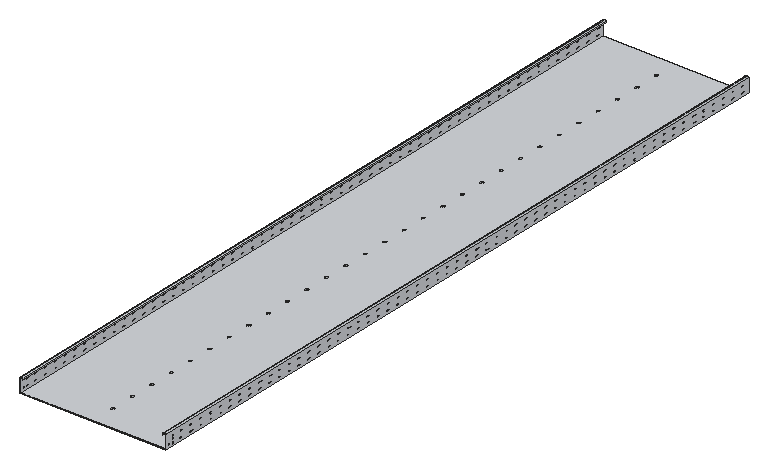
Revit family "Kabelrinne RKSM FT_615_620_630_640_650_660", category Generic Models, Revit 2017 (continued)
Forms (mm)
  Extrusion 160, void
    sketch origin (230, 863.6, 25) x (0, 1, 0) y (0, 0, 1)
      loop
        line (69.8, 9) -> (82.8, 9)
        arc (82.8, 9) -> (86.3, 12.5) -> (82.8, 16) r 3.5
        line (82.8, 16) -> (69.8, 16)
    from 69 to 70
  Extrusion 161, void
    sketch origin (230, 914.4, 0) x (0, 1, 0) y (0, 0, 1)
      loop
        arc (69.8, 16) -> (66.3, 12.5) -> (69.8, 9) r 3.5
        line (69.8, 9) -> (82.8, 9)
        arc (82.8, 9) -> (86.3, 12.5) -> (82.8, 16) r 3.5
        line (82.8, 16) -> (69.8, 16)
    from 69 to 70
  Extrusion 162, void
    sketch origin (230, 914.4, 25) x (0, 1, 0) y (0, 0, 1)
      loop
        arc (69.8, 16) -> (66.3, 12.5) -> (69.8, 9) r 3.5
        line (69.8, 9) -> (82.8, 9)
        arc (82.8, 9) -> (86.3, 12.5) -> (82.8, 16) r 3.5
        line (82.8, 16) -> (69.8, 16)
    from 69 to 70
  Extrusion 163, void
    sketch origin (230, 965.2, 0) x (0, 1, 0) y (0, 0, 1)
      loop
        arc (69.8, 16) -> (66.3, 12.5) -> (69.8, 9) r 3.5
        line (69.8, 9) -> (82.8, 9)
        arc (82.8, 9) -> (86.3, 12.5) -> (82.8, 16) r 3.5
        line (82.8, 16) -> (69.8, 16)
    from 69 to 70
  Extrusion 164, void
    sketch origin (230, 965.2, 25) x (0, 1, 0) y (0, 0, 1)
      loop
        arc (69.8, 16) -> (66.3, 12.5) -> (69.8, 9) r 3.5
        line (69.8, 9) -> (82.8, 9)
        arc (82.8, 9) -> (86.3, 12.5) -> (82.8, 16) r 3.5
        line (82.8, 16) -> (69.8, 16)
    from 69 to 70
  Extrusion 165, void
    sketch origin (230, 1016, 0) x (0, 1, 0) y (0, 0, 1)
      loop
        arc (69.8, 16) -> (66.3, 12.5) -> (69.8, 9) r 3.5
        line (69.8, 9) -> (82.8, 9)
        arc (82.8, 9) -> (86.3, 12.5) -> (82.8, 16) r 3.5
        line (82.8, 16) -> (69.8, 16)
    from 69 to 70
  Extrusion 166, void
    sketch origin (230, 1016, 25) x (0, 1, 0) y (0, 0, 1)
      loop
        arc (69.8, 16) -> (66.3, 12.5) -> (69.8, 9) r 3.5
        line (69.8, 9) -> (82.8, 9)
        arc (82.8, 9) -> (86.3, 12.5) -> (82.8, 16) r 3.5
        line (82.8, 16) -> (69.8, 16)
    from 69 to 70
  Extrusion 167, void
    sketch origin (230, 1066.8, 0) x (0, 1, 0) y (0, 0, 1)
      loop
        arc (69.8, 16) -> (66.3, 12.5) -> (69.8, 9) r 3.5
        line (69.8, 9) -> (82.8, 9)
        arc (82.8, 9) -> (86.3, 12.5) -> (82.8, 16) r 3.5
        line (82.8, 16) -> (69.8, 16)
    from 69 to 70
  Extrusion 168, void
    sketch origin (230, 1066.8, 25) x (0, 1, 0) y (0, 0, 1)
      loop
        arc (69.8, 16) -> (66.3, 12.5) -> (69.8, 9) r 3.5
        line (69.8, 9) -> (82.8, 9)
        arc (82.8, 9) -> (86.3, 12.5) -> (82.8, 16) r 3.5
        line (82.8, 16) -> (69.8, 16)
    from 69 to 70
  Extrusion 169, void
    sketch origin (230, 1117.6, 0) x (0, 1, 0) y (0, 0, 1)
      loop
        arc (69.8, 16) -> (66.3, 12.5) -> (69.8, 9) r 3.5
        line (69.8, 9) -> (82.8, 9)
        arc (82.8, 9) -> (86.3, 12.5) -> (82.8, 16) r 3.5
        line (82.8, 16) -> (69.8, 16)
    from 69 to 70
  Extrusion 170, void
    sketch origin (230, 1117.6, 25) x (0, 1, 0) y (0, 0, 1)
      loop
        arc (69.8, 16) -> (66.3, 12.5) -> (69.8, 9) r 3.5
        line (69.8, 9) -> (82.8, 9)
        arc (82.8, 9) -> (86.3, 12.5) -> (82.8, 16) r 3.5
        line (82.8, 16) -> (69.8, 16)
    from 69 to 70
  Extrusion 171, void
    sketch origin (230, 1168.4, 0) x (0, 1, 0) y (0, 0, 1)
      loop
        arc (69.8, 16) -> (66.3, 12.5) -> (69.8, 9) r 3.5
        line (69.8, 9) -> (82.8, 9)
        arc (82.8, 9) -> (86.3, 12.5) -> (82.8, 16) r 3.5
        line (82.8, 16) -> (69.8, 16)
    from 69 to 70
  Extrusion 172, void
    sketch origin (230, 1168.4, 25) x (0, 1, 0) y (0, 0, 1)
      loop
        arc (69.8, 16) -> (66.3, 12.5) -> (69.8, 9) r 3.5
        line (69.8, 9) -> (82.8, 9)
        arc (82.8, 9) -> (86.3, 12.5) -> (82.8, 16) r 3.5
        line (82.8, 16) -> (69.8, 16)
    from 69 to 70
  Extrusion 173, void
    sketch origin (230, 1219.2, 0) x (0, 1, 0) y (0, 0, 1)
      loop
        arc (69.8, 16) -> (66.3, 12.5) -> (69.8, 9) r 3.5
        line (69.8, 9) -> (82.8, 9)
        arc (82.8, 9) -> (86.3, 12.5) -> (82.8, 16) r 3.5
        line (82.8, 16) -> (69.8, 16)
    from 69 to 70
  Extrusion 174, void
    sketch origin (230, 1219.2, 25) x (0, 1, 0) y (0, 0, 1)
      loop
        arc (69.8, 16) -> (66.3, 12.5) -> (69.8, 9) r 3.5
        line (69.8, 9) -> (82.8, 9)
        arc (82.8, 9) -> (86.3, 12.5) -> (82.8, 16) r 3.5
        line (82.8, 16) -> (69.8, 16)
    from 69 to 70
  Extrusion 175, void
    sketch origin (230, 1270, 0) x (0, 1, 0) y (0, 0, 1)
      loop
        arc (69.8, 16) -> (66.3, 12.5) -> (69.8, 9) r 3.5
        line (69.8, 9) -> (82.8, 9)
        arc (82.8, 9) -> (86.3, 12.5) -> (82.8, 16) r 3.5
        line (82.8, 16) -> (69.8, 16)
    from 69 to 70
  Extrusion 176, void
    sketch origin (230, 1270, 25) x (0, 1, 0) y (0, 0, 1)
      loop
        arc (69.8, 16) -> (66.3, 12.5) -> (69.8, 9) r 3.5
        line (69.8, 9) -> (82.8, 9)
        arc (82.8, 9) -> (86.3, 12.5) -> (82.8, 16) r 3.5
        line (82.8, 16) -> (69.8, 16)
    from 69 to 70
  Extrusion 177, void
    sketch origin (230, 1320.8, 0) x (0, 1, 0) y (0, 0, 1)
      loop
        arc (69.8, 16) -> (66.3, 12.5) -> (69.8, 9) r 3.5
        line (69.8, 9) -> (82.8, 9)
        arc (82.8, 9) -> (86.3, 12.5) -> (82.8, 16) r 3.5
        line (82.8, 16) -> (69.8, 16)
    from 69 to 70
  Extrusion 178, void
    sketch origin (230, 1320.8, 25) x (0, 1, 0) y (0, 0, 1)
      loop
        arc (69.8, 16) -> (66.3, 12.5) -> (69.8, 9) r 3.5
        line (69.8, 9) -> (82.8, 9)
        arc (82.8, 9) -> (86.3, 12.5) -> (82.8, 16) r 3.5
        line (82.8, 16) -> (69.8, 16)
    from 69 to 70
  Extrusion 179, void
    sketch origin (230, 1371.6, 0) x (0, 1, 0) y (0, 0, 1)
      loop
        arc (69.8, 16) -> (66.3, 12.5) -> (69.8, 9) r 3.5
        line (69.8, 9) -> (82.8, 9)
        arc (82.8, 9) -> (86.3, 12.5) -> (82.8, 16) r 3.5
        line (82.8, 16) -> (69.8, 16)
    from 69 to 70
  Extrusion 180, void
    sketch origin (230, 1371.6, 25) x (0, 1, 0) y (0, 0, 1)
      loop
        arc (69.8, 16) -> (66.3, 12.5) -> (69.8, 9) r 3.5
        line (69.8, 9) -> (82.8, 9)
        arc (82.8, 9) -> (86.3, 12.5) -> (82.8, 16) r 3.5
        line (82.8, 16) -> (69.8, 16)
    from 69 to 70
  Extrusion 181, void
    sketch origin (230, 1422.4, 0) x (0, 1, 0) y (0, 0, 1)
      loop
        arc (69.8, 16) -> (66.3, 12.5) -> (69.8, 9) r 3.5
        line (69.8, 9) -> (82.8, 9)
        arc (82.8, 9) -> (86.3, 12.5) -> (82.8, 16) r 3.5
        line (82.8, 16) -> (69.8, 16)
    from 69 to 70
  Extrusion 182, void
    sketch origin (230, 1422.4, 25) x (0, 1, 0) y (0, 0, 1)
      loop
        arc (69.8, 16) -> (66.3, 12.5) -> (69.8, 9) r 3.5
        line (69.8, 9) -> (82.8, 9)
        arc (82.8, 9) -> (86.3, 12.5) -> (82.8, 16) r 3.5
        line (82.8, 16) -> (69.8, 16)
    from 69 to 70
  Extrusion 183, void
    sketch origin (230, 1473.2, 0) x (0, 1, 0) y (0, 0, 1)
      loop
        arc (69.8, 16) -> (66.3, 12.5) -> (69.8, 9) r 3.5
        line (69.8, 9) -> (82.8, 9)
        arc (82.8, 9) -> (86.3, 12.5) -> (82.8, 16) r 3.5
        line (82.8, 16) -> (69.8, 16)
    from 69 to 70
  Extrusion 184, void
    sketch origin (230, 1473.2, 25) x (0, 1, 0) y (0, 0, 1)
      loop
        arc (69.8, 16) -> (66.3, 12.5) -> (69.8, 9) r 3.5
        line (69.8, 9) -> (82.8, 9)
        arc (82.8, 9) -> (86.3, 12.5) -> (82.8, 16) r 3.5
        line (82.8, 16) -> (69.8, 16)
    from 69 to 70
  Extrusion 185, void
    sketch origin (230, 1524, 0) x (0, 1, 0) y (0, 0, 1)
      loop
        arc (69.8, 16) -> (66.3, 12.5) -> (69.8, 9) r 3.5
        line (69.8, 9) -> (82.8, 9)
        arc (82.8, 9) -> (86.3, 12.5) -> (82.8, 16) r 3.5
        line (82.8, 16) -> (69.8, 16)
    from 69 to 70
  Extrusion 186, void
    sketch origin (230, 1524, 25) x (0, 1, 0) y (0, 0, 1)
      loop
        arc (69.8, 16) -> (66.3, 12.5) -> (69.8, 9) r 3.5
        line (69.8, 9) -> (82.8, 9)
        arc (82.8, 9) -> (86.3, 12.5) -> (82.8, 16) r 3.5
        line (82.8, 16) -> (69.8, 16)
    from 69 to 70
  Extrusion 187, void
    sketch origin (230, 1574.8, 0) x (0, 1, 0) y (0, 0, 1)
      loop
        arc (69.8, 16) -> (66.3, 12.5) -> (69.8, 9) r 3.5
        line (69.8, 9) -> (82.8, 9)
        arc (82.8, 9) -> (86.3, 12.5) -> (82.8, 16) r 3.5
        line (82.8, 16) -> (69.8, 16)
    from 69 to 70
  Extrusion 188, void
    sketch origin (230, 1574.8, 25) x (0, 1, 0) y (0, 0, 1)
      loop
        arc (69.8, 16) -> (66.3, 12.5) -> (69.8, 9) r 3.5
        line (69.8, 9) -> (82.8, 9)
        arc (82.8, 9) -> (86.3, 12.5) -> (82.8, 16) r 3.5
        line (82.8, 16) -> (69.8, 16)
    from 69 to 70
  Extrusion 189, void
    sketch origin (230, 1625.6, 0) x (0, 1, 0) y (0, 0, 1)
      loop
        arc (69.8, 16) -> (66.3, 12.5) -> (69.8, 9) r 3.5
        line (69.8, 9) -> (82.8, 9)
        arc (82.8, 9) -> (86.3, 12.5) -> (82.8, 16) r 3.5
        line (82.8, 16) -> (69.8, 16)
    from 69 to 70
  Extrusion 190, void
    sketch origin (230, 1625.6, 25) x (0, 1, 0) y (0, 0, 1)
      loop
        arc (69.8, 16) -> (66.3, 12.5) -> (69.8, 9) r 3.5
        line (69.8, 9) -> (82.8, 9)
        arc (82.8, 9) -> (86.3, 12.5) -> (82.8, 16) r 3.5
        line (82.8, 16) -> (69.8, 16)
    from 69 to 70
  Extrusion 191, void
    sketch origin (230, 1676.4, 0) x (0, 1, 0) y (0, 0, 1)
      loop
        arc (69.8, 16) -> (66.3, 12.5) -> (69.8, 9) r 3.5
        line (69.8, 9) -> (82.8, 9)
        arc (82.8, 9) -> (86.3, 12.5) -> (82.8, 16) r 3.5
        line (82.8, 16) -> (69.8, 16)
    from 69 to 70
  Extrusion 192, void
    sketch origin (230, 1676.4, 25) x (0, 1, 0) y (0, 0, 1)
      loop
        arc (69.8, 16) -> (66.3, 12.5) -> (69.8, 9) r 3.5
        line (69.8, 9) -> (82.8, 9)
        arc (82.8, 9) -> (86.3, 12.5) -> (82.8, 16) r 3.5
        line (82.8, 16) -> (69.8, 16)
    from 69 to 70
  Extrusion 193, void
    sketch origin (230, 1727.2, 0) x (0, 1, 0) y (0, 0, 1)
      loop
        arc (69.8, 16) -> (66.3, 12.5) -> (69.8, 9) r 3.5
        line (69.8, 9) -> (82.8, 9)
        arc (82.8, 9) -> (86.3, 12.5) -> (82.8, 16) r 3.5
        line (82.8, 16) -> (69.8, 16)
    from 69 to 70
  Extrusion 194, void
    sketch origin (230, 1727.2, 25) x (0, 1, 0) y (0, 0, 1)
      loop
        arc (69.8, 16) -> (66.3, 12.5) -> (69.8, 9) r 3.5
        line (69.8, 9) -> (82.8, 9)
        arc (82.8, 9) -> (86.3, 12.5) -> (82.8, 16) r 3.5
        line (82.8, 16) -> (69.8, 16)
    from 69 to 70
  Extrusion 195, void
    sketch origin (230, 1778, 0) x (0, 1, 0) y (0, 0, 1)
      loop
        arc (69.8, 16) -> (66.3, 12.5) -> (69.8, 9) r 3.5
        line (69.8, 9) -> (82.8, 9)
        arc (82.8, 9) -> (86.3, 12.5) -> (82.8, 16) r 3.5
        line (82.8, 16) -> (69.8, 16)
    from 69 to 70
  Extrusion 196, void
    sketch origin (230, 1778, 25) x (0, 1, 0) y (0, 0, 1)
      loop
        arc (69.8, 16) -> (66.3, 12.5) -> (69.8, 9) r 3.5
        line (69.8, 9) -> (82.8, 9)
        arc (82.8, 9) -> (86.3, 12.5) -> (82.8, 16) r 3.5
        line (82.8, 16) -> (69.8, 16)
    from 69 to 70
  Extrusion 197, void
    sketch origin (230, 1828.8, 0) x (0, 1, 0) y (0, 0, 1)
      loop
        arc (69.8, 16) -> (66.3, 12.5) -> (69.8, 9) r 3.5
        line (69.8, 9) -> (82.8, 9)
        arc (82.8, 9) -> (86.3, 12.5) -> (82.8, 16) r 3.5
        line (82.8, 16) -> (69.8, 16)
    from 69 to 70
  Extrusion 198, void
    sketch origin (230, 1828.8, 25) x (0, 1, 0) y (0, 0, 1)
      loop
        arc (69.8, 16) -> (66.3, 12.5) -> (69.8, 9) r 3.5
        line (69.8, 9) -> (82.8, 9)
        arc (82.8, 9) -> (86.3, 12.5) -> (82.8, 16) r 3.5
        line (82.8, 16) -> (69.8, 16)
    from 69 to 70
  Extrusion 199, void
    sketch origin (230, 1879.6, 0) x (0, 1, 0) y (0, 0, 1)
      loop
        arc (69.8, 16) -> (66.3, 12.5) -> (69.8, 9) r 3.5
        line (69.8, 9) -> (82.8, 9)
        arc (82.8, 9) -> (86.3, 12.5) -> (82.8, 16) r 3.5
        line (82.8, 16) -> (69.8, 16)
    from 69 to 70
  Extrusion 200, void
    sketch origin (230, 1879.6, 25) x (0, 1, 0) y (0, 0, 1)
      loop
        arc (69.8, 16) -> (66.3, 12.5) -> (69.8, 9) r 3.5
        line (69.8, 9) -> (82.8, 9)
        arc (82.8, 9) -> (86.3, 12.5) -> (82.8, 16) r 3.5
        line (82.8, 16) -> (69.8, 16)
    from 69 to 70
  Extrusion 201, void
    sketch origin (230, 1930.4, 0) x (0, 1, 0) y (0, 0, 1)
      loop
        arc (69.8, 16) -> (66.3, 12.5) -> (69.8, 9) r 3.5
        line (69.8, 9) -> (82.8, 9)
        arc (82.8, 9) -> (86.3, 12.5) -> (82.8, 16) r 3.5
        line (82.8, 16) -> (69.8, 16)
    from 69 to 70
  Extrusion 202, void
    sketch origin (230, 1930.4, 25) x (0, 1, 0) y (0, 0, 1)
      loop
        arc (69.8, 16) -> (66.3, 12.5) -> (69.8, 9) r 3.5
        line (69.8, 9) -> (82.8, 9)
        arc (82.8, 9) -> (86.3, 12.5) -> (82.8, 16) r 3.5
        line (82.8, 16) -> (69.8, 16)
    from 69 to 70
  Extrusion 203, void
    sketch origin (230, 1981.2, 0) x (0, 1, 0) y (0, 0, 1)
      loop
        arc (69.8, 16) -> (66.3, 12.5) -> (69.8, 9) r 3.5
        line (69.8, 9) -> (82.8, 9)
        arc (82.8, 9) -> (86.3, 12.5) -> (82.8, 16) r 3.5
        line (82.8, 16) -> (69.8, 16)
    from 69 to 70
  Extrusion 204, void
    sketch origin (230, 1981.2, 25) x (0, 1, 0) y (0, 0, 1)
      loop
        arc (69.8, 16) -> (66.3, 12.5) -> (69.8, 9) r 3.5
        line (69.8, 9) -> (82.8, 9)
        arc (82.8, 9) -> (86.3, 12.5) -> (82.8, 16) r 3.5
        line (82.8, 16) -> (69.8, 16)
    from 69 to 70
  Extrusion 205, void
    sketch origin (230, 2032, 0) x (0, 1, 0) y (0, 0, 1)
      loop
        arc (69.8, 16) -> (66.3, 12.5) -> (69.8, 9) r 3.5
        line (69.8, 9) -> (82.8, 9)
        arc (82.8, 9) -> (86.3, 12.5) -> (82.8, 16) r 3.5
        line (82.8, 16) -> (69.8, 16)
    from 69 to 70
  Extrusion 206, void
    sketch origin (230, 2032, 25) x (0, 1, 0) y (0, 0, 1)
      loop
        arc (69.8, 16) -> (66.3, 12.5) -> (69.8, 9) r 3.5
        line (69.8, 9) -> (82.8, 9)
        arc (82.8, 9) -> (86.3, 12.5) -> (82.8, 16) r 3.5
        line (82.8, 16) -> (69.8, 16)
    from 69 to 70
  Extrusion 207, void
    sketch origin (230, 2082.8, 0) x (0, 1, 0) y (0, 0, 1)
      loop
        arc (69.8, 16) -> (66.3, 12.5) -> (69.8, 9) r 3.5
        line (69.8, 9) -> (82.8, 9)
        arc (82.8, 9) -> (86.3, 12.5) -> (82.8, 16) r 3.5
        line (82.8, 16) -> (69.8, 16)
    from 69 to 70
  Extrusion 208, void
    sketch origin (230, 2082.8, 25) x (0, 1, 0) y (0, 0, 1)
      loop
        arc (69.8, 16) -> (66.3, 12.5) -> (69.8, 9) r 3.5
        line (69.8, 9) -> (82.8, 9)
        arc (82.8, 9) -> (86.3, 12.5) -> (82.8, 16) r 3.5
        line (82.8, 16) -> (69.8, 16)
    from 69 to 70
  Extrusion 209, void
    sketch origin (230, 2133.6, 0) x (0, 1, 0) y (0, 0, 1)
      loop
        arc (69.8, 16) -> (66.3, 12.5) -> (69.8, 9) r 3.5
        line (69.8, 9) -> (82.8, 9)
        arc (82.8, 9) -> (86.3, 12.5) -> (82.8, 16) r 3.5
        line (82.8, 16) -> (69.8, 16)
    from 69 to 70
  Extrusion 210, void
    sketch origin (230, 2133.6, 25) x (0, 1, 0) y (0, 0, 1)
      loop
        arc (69.8, 16) -> (66.3, 12.5) -> (69.8, 9) r 3.5
        line (69.8, 9) -> (82.8, 9)
        arc (82.8, 9) -> (86.3, 12.5) -> (82.8, 16) r 3.5
        line (82.8, 16) -> (69.8, 16)
    from 69 to 70
  Extrusion 211, void
    sketch origin (230, 2184.4, 0) x (0, 1, 0) y (0, 0, 1)
      loop
        arc (69.8, 16) -> (66.3, 12.5) -> (69.8, 9) r 3.5
        line (69.8, 9) -> (82.8, 9)
        arc (82.8, 9) -> (86.3, 12.5) -> (82.8, 16) r 3.5
        line (82.8, 16) -> (69.8, 16)
    from 69 to 70
  Extrusion 212, void
    sketch origin (230, 2184.4, 25) x (0, 1, 0) y (0, 0, 1)
      loop
        arc (69.8, 16) -> (66.3, 12.5) -> (69.8, 9) r 3.5
        line (69.8, 9) -> (82.8, 9)
        arc (82.8, 9) -> (86.3, 12.5) -> (82.8, 16) r 3.5
        line (82.8, 16) -> (69.8, 16)
    from 69 to 70
  Extrusion 213, void
    sketch origin (230, 2235.2, 0) x (0, 1, 0) y (0, 0, 1)
      loop
        arc (69.8, 16) -> (66.3, 12.5) -> (69.8, 9) r 3.5
        line (69.8, 9) -> (82.8, 9)
        arc (82.8, 9) -> (86.3, 12.5) -> (82.8, 16) r 3.5
        line (82.8, 16) -> (69.8, 16)
    from 69 to 70
  Extrusion 214, void
    sketch origin (230, 2235.2, 25) x (0, 1, 0) y (0, 0, 1)
      loop
        arc (69.8, 16) -> (66.3, 12.5) -> (69.8, 9) r 3.5
        line (69.8, 9) -> (82.8, 9)
        arc (82.8, 9) -> (86.3, 12.5) -> (82.8, 16) r 3.5
        line (82.8, 16) -> (69.8, 16)
    from 69 to 70
  Extrusion 215, void
    sketch origin (230, 2286, 0) x (0, 1, 0) y (0, 0, 1)
      loop
        arc (69.8, 16) -> (66.3, 12.5) -> (69.8, 9) r 3.5
        line (69.8, 9) -> (82.8, 9)
        arc (82.8, 9) -> (86.3, 12.5) -> (82.8, 16) r 3.5
        line (82.8, 16) -> (69.8, 16)
    from 69 to 70
  Extrusion 216, void
    sketch origin (230, 2286, 25) x (0, 1, 0) y (0, 0, 1)
      loop
        arc (69.8, 16) -> (66.3, 12.5) -> (69.8, 9) r 3.5
        line (69.8, 9) -> (82.8, 9)
        arc (82.8, 9) -> (86.3, 12.5) -> (82.8, 16) r 3.5
        line (82.8, 16) -> (69.8, 16)
    from 69 to 70
  Extrusion 217, void
    sketch origin (230, 2336.8, 0) x (0, 1, 0) y (0, 0, 1)
      loop
        arc (69.8, 16) -> (66.3, 12.5) -> (69.8, 9) r 3.5
        line (69.8, 9) -> (82.8, 9)
        arc (82.8, 9) -> (86.3, 12.5) -> (82.8, 16) r 3.5
        line (82.8, 16) -> (69.8, 16)
    from 69 to 70
  Extrusion 218, void
    sketch origin (230, 2336.8, 25) x (0, 1, 0) y (0, 0, 1)
      loop
        arc (69.8, 16) -> (66.3, 12.5) -> (69.8, 9) r 3.5
        line (69.8, 9) -> (82.8, 9)
        arc (82.8, 9) -> (86.3, 12.5) -> (82.8, 16) r 3.5
        line (82.8, 16) -> (69.8, 16)
    from 69 to 70
  Extrusion 219, void
    sketch origin (230, 2387.6, 0) x (0, 1, 0) y (0, 0, 1)
      loop
        arc (69.8, 16) -> (66.3, 12.5) -> (69.8, 9) r 3.5
        line (69.8, 9) -> (82.8, 9)
        arc (82.8, 9) -> (86.3, 12.5) -> (82.8, 16) r 3.5
        line (82.8, 16) -> (69.8, 16)
    from 69 to 70
  Extrusion 220, void
    sketch origin (230, 2387.6, 25) x (0, 1, 0) y (0, 0, 1)
      loop
        arc (69.8, 16) -> (66.3, 12.5) -> (69.8, 9) r 3.5
        line (69.8, 9) -> (82.8, 9)
        arc (82.8, 9) -> (86.3, 12.5) -> (82.8, 16) r 3.5
        line (82.8, 16) -> (69.8, 16)
    from 69 to 70
  Extrusion 221, void
    sketch origin (230, 2438.4, 0) x (0, 1, 0) y (0, 0, 1)
      loop
        arc (69.8, 16) -> (66.3, 12.5) -> (69.8, 9) r 3.5
        line (69.8, 9) -> (82.8, 9)
        arc (82.8, 9) -> (86.3, 12.5) -> (82.8, 16) r 3.5
        line (82.8, 16) -> (69.8, 16)
    from 69 to 70
  Extrusion 222, void
    sketch origin (230, 2438.4, 25) x (0, 1, 0) y (0, 0, 1)
      loop
        arc (69.8, 16) -> (66.3, 12.5) -> (69.8, 9) r 3.5
        line (69.8, 9) -> (82.8, 9)
        arc (82.8, 9) -> (86.3, 12.5) -> (82.8, 16) r 3.5
        line (82.8, 16) -> (69.8, 16)
    from 69 to 70
  Extrusion 223, void
    sketch origin (230, 2489.2, 0) x (0, 1, 0) y (0, 0, 1)
      loop
        arc (69.8, 16) -> (66.3, 12.5) -> (69.8, 9) r 3.5
        line (69.8, 9) -> (82.8, 9)
        arc (82.8, 9) -> (86.3, 12.5) -> (82.8, 16) r 3.5
        line (82.8, 16) -> (69.8, 16)
    from 69 to 70
  Extrusion 224, void
    sketch origin (230, 2489.2, 25) x (0, 1, 0) y (0, 0, 1)
      loop
        arc (69.8, 16) -> (66.3, 12.5) -> (69.8, 9) r 3.5
        line (69.8, 9) -> (82.8, 9)
        arc (82.8, 9) -> (86.3, 12.5) -> (82.8, 16) r 3.5
        line (82.8, 16) -> (69.8, 16)
    from 69 to 70
  Extrusion 225, void
    sketch origin (230, 2540, 0) x (0, 1, 0) y (0, 0, 1)
      loop
        arc (69.8, 16) -> (66.3, 12.5) -> (69.8, 9) r 3.5
        line (69.8, 9) -> (82.8, 9)
        arc (82.8, 9) -> (86.3, 12.5) -> (82.8, 16) r 3.5
        line (82.8, 16) -> (69.8, 16)
    from 69 to 70
  Extrusion 226, void
    sketch origin (230, 2540, 25) x (0, 1, 0) y (0, 0, 1)
      loop
        arc (69.8, 16) -> (66.3, 12.5) -> (69.8, 9) r 3.5
        line (69.8, 9) -> (82.8, 9)
        arc (82.8, 9) -> (86.3, 12.5) -> (82.8, 16) r 3.5
        line (82.8, 16) -> (69.8, 16)
    from 69 to 70
  Extrusion 227, void
    sketch origin (230, 2590.8, 0) x (0, 1, 0) y (0, 0, 1)
      loop
        arc (69.8, 16) -> (66.3, 12.5) -> (69.8, 9) r 3.5
        line (69.8, 9) -> (82.8, 9)
        arc (82.8, 9) -> (86.3, 12.5) -> (82.8, 16) r 3.5
        line (82.8, 16) -> (69.8, 16)
    from 69 to 70
  Extrusion 228, void
    sketch origin (230, 2590.8, 25) x (0, 1, 0) y (0, 0, 1)
      loop
        arc (69.8, 16) -> (66.3, 12.5) -> (69.8, 9) r 3.5
        line (69.8, 9) -> (82.8, 9)
        arc (82.8, 9) -> (86.3, 12.5) -> (82.8, 16) r 3.5
        line (82.8, 16) -> (69.8, 16)
    from 69 to 70
  Extrusion 229, void
    sketch origin (230, 2641.6, 0) x (0, 1, 0) y (0, 0, 1)
      loop
        arc (69.8, 16) -> (66.3, 12.5) -> (69.8, 9) r 3.5
        line (69.8, 9) -> (82.8, 9)
        arc (82.8, 9) -> (86.3, 12.5) -> (82.8, 16) r 3.5
        line (82.8, 16) -> (69.8, 16)
    from 69 to 70
  Extrusion 230, void
    sketch origin (230, 2641.6, 25) x (0, 1, 0) y (0, 0, 1)
      loop
        arc (69.8, 16) -> (66.3, 12.5) -> (69.8, 9) r 3.5
        line (69.8, 9) -> (82.8, 9)
        arc (82.8, 9) -> (86.3, 12.5) -> (82.8, 16) r 3.5
        line (82.8, 16) -> (69.8, 16)
    from 69 to 70
  Extrusion 231, void
    sketch origin (230, 2692.4, 0) x (0, 1, 0) y (0, 0, 1)
      loop
        arc (69.8, 16) -> (66.3, 12.5) -> (69.8, 9) r 3.5
        line (69.8, 9) -> (82.8, 9)
        arc (82.8, 9) -> (86.3, 12.5) -> (82.8, 16) r 3.5
        line (82.8, 16) -> (69.8, 16)
    from 69 to 70
  Extrusion 232, void
    sketch origin (230, 2692.4, 25) x (0, 1, 0) y (0, 0, 1)
      loop
        arc (69.8, 16) -> (66.3, 12.5) -> (69.8, 9) r 3.5
        line (69.8, 9) -> (82.8, 9)
        arc (82.8, 9) -> (86.3, 12.5) -> (82.8, 16) r 3.5
        line (82.8, 16) -> (69.8, 16)
    from 69 to 70
  Extrusion 233, void
    sketch origin (230, 2743.2, 0) x (0, 1, 0) y (0, 0, 1)
      loop
        arc (69.8, 16) -> (66.3, 12.5) -> (69.8, 9) r 3.5
        line (69.8, 9) -> (82.8, 9)
        arc (82.8, 9) -> (86.3, 12.5) -> (82.8, 16) r 3.5
        line (82.8, 16) -> (69.8, 16)
    from 69 to 70
  Extrusion 234, void
    sketch origin (230, 2743.2, 25) x (0, 1, 0) y (0, 0, 1)
      loop
        arc (69.8, 16) -> (66.3, 12.5) -> (69.8, 9) r 3.5
        line (69.8, 9) -> (82.8, 9)
        arc (82.8, 9) -> (86.3, 12.5) -> (82.8, 16) r 3.5
        line (82.8, 16) -> (69.8, 16)
    from 69 to 70
  Extrusion 235, void
    sketch origin (230, 2794, 0) x (0, 1, 0) y (0, 0, 1)
      loop
        arc (69.8, 16) -> (66.3, 12.5) -> (69.8, 9) r 3.5
        line (69.8, 9) -> (82.8, 9)
        arc (82.8, 9) -> (86.3, 12.5) -> (82.8, 16) r 3.5
        line (82.8, 16) -> (69.8, 16)
    from 69 to 70
  Extrusion 236, void
    sketch origin (230, 2794, 25) x (0, 1, 0) y (0, 0, 1)
      loop
        arc (69.8, 16) -> (66.3, 12.5) -> (69.8, 9) r 3.5
        line (69.8, 9) -> (82.8, 9)
        arc (82.8, 9) -> (86.3, 12.5) -> (82.8, 16) r 3.5
        line (82.8, 16) -> (69.8, 16)
    from 69 to 70
  Extrusion 237, void
    sketch origin (230, 2844.8, 0) x (0, 1, 0) y (0, 0, 1)
      loop
        arc (69.8, 16) -> (66.3, 12.5) -> (69.8, 9) r 3.5
        line (69.8, 9) -> (82.8, 9)
        arc (82.8, 9) -> (86.3, 12.5) -> (82.8, 16) r 3.5
        line (82.8, 16) -> (69.8, 16)
    from 69 to 70
  Extrusion 238, void
    sketch origin (230, 2844.8, 25) x (0, 1, 0) y (0, 0, 1)
      loop
        arc (69.8, 16) -> (66.3, 12.5) -> (69.8, 9) r 3.5
        line (69.8, 9) -> (82.8, 9)
        arc (82.8, 9) -> (86.3, 12.5) -> (82.8, 16) r 3.5
        line (82.8, 16) -> (69.8, 16)
    from 69 to 70
  Extrusion 239, void
    sketch origin (230, 2895.6, 0) x (0, 1, 0) y (0, 0, 1)
      loop
        arc (69.8, 16) -> (66.3, 12.5) -> (69.8, 9) r 3.5
        line (69.8, 9) -> (82.8, 9)
        arc (82.8, 9) -> (86.3, 12.5) -> (82.8, 16) r 3.5
        line (82.8, 16) -> (69.8, 16)
    from 69 to 70
  Extrusion 240, void
    sketch origin (230, 2895.6, 25) x (0, 1, 0) y (0, 0, 1)
      loop
        arc (69.8, 16) -> (66.3, 12.5) -> (69.8, 9) r 3.5
        line (69.8, 9) -> (82.8, 9)
        arc (82.8, 9) -> (86.3, 12.5) -> (82.8, 16) r 3.5
        line (82.8, 16) -> (69.8, 16)
    from 69 to 70
  Extrusion 241, void
    sketch origin (0, 0, 0) x (1, 0, 0) y (0, 1, 0)
      loop
        circle (0, 101.68) r 5.5
    from 0 to 1
  Extrusion 242, void
    sketch origin (0, 100, 0) x (1, 0, 0) y (0, 1, 0)
      loop
        circle (0, 101.68) r 5.5
    from 0 to 1
  Extrusion 243, void
    sketch origin (0, 200, 0) x (1, 0, 0) y (0, 1, 0)
      loop
        circle (0, 101.68) r 5.5
    from 0 to 1
  Extrusion 244, void
    sketch origin (0, 300, 0) x (1, 0, 0) y (0, 1, 0)
      loop
        circle (0, 101.68) r 5.5
    from 0 to 1
  Extrusion 245, void
    sketch origin (0, 400, 0) x (1, 0, 0) y (0, 1, 0)
      loop
        circle (0, 101.68) r 5.5
    from 0 to 1
  Extrusion 246, void
    sketch origin (0, 500, 0) x (1, 0, 0) y (0, 1, 0)
      loop
        circle (0, 101.68) r 5.5
    from 0 to 1
  Extrusion 247, void
    sketch origin (0, 600, 0) x (1, 0, 0) y (0, 1, 0)
      loop
        circle (0, 101.68) r 5.5
    from 0 to 1
  Extrusion 248, void
    sketch origin (0, 700, 0) x (1, 0, 0) y (0, 1, 0)
      loop
        circle (0, 101.68) r 5.5
    from 0 to 1
  Extrusion 249, void
    sketch origin (0, 800, 0) x (1, 0, 0) y (0, 1, 0)
      loop
        circle (0, 101.68) r 5.5
    from 0 to 1
  Extrusion 250, void
    sketch origin (0, 900, 0) x (1, 0, 0) y (0, 1, 0)
      loop
        circle (0, 101.68) r 5.5
    from 0 to 1
  Extrusion 251, void
    sketch origin (0, 1000, 0) x (1, 0, 0) y (0, 1, 0)
      loop
        circle (0, 101.68) r 5.5
    from 0 to 1
  Extrusion 252, void
    sketch origin (0, 1100, 0) x (1, 0, 0) y (0, 1, 0)
      loop
        circle (0, 101.68) r 5.5
    from 0 to 1
  Extrusion 253, void
    sketch origin (0, 1200, 0) x (1, 0, 0) y (0, 1, 0)
      loop
        circle (0, 101.68) r 5.5
    from 0 to 1
  Extrusion 254, void
    sketch origin (0, 1300, 0) x (1, 0, 0) y (0, 1, 0)
      loop
        circle (0, 101.68) r 5.5
    from 0 to 1
  Extrusion 255, void
    sketch origin (0, 1400, 0) x (1, 0, 0) y (0, 1, 0)
      loop
        circle (0, 101.68) r 5.5
    from 0 to 1
  Extrusion 256, void
    sketch origin (0, 1500, 0) x (1, 0, 0) y (0, 1, 0)
      loop
        circle (0, 101.68) r 5.5
    from 0 to 1
  Extrusion 257, void
    sketch origin (0, 1600, 0) x (1, 0, 0) y (0, 1, 0)
      loop
        circle (0, 101.68) r 5.5
    from 0 to 1
  Extrusion 258, void
    sketch origin (0, 1700, 0) x (1, 0, 0) y (0, 1, 0)
      loop
        circle (0, 101.68) r 5.5
    from 0 to 1
  Extrusion 259, void
    sketch origin (0, 1800, 0) x (1, 0, 0) y (0, 1, 0)
      loop
        circle (0, 101.68) r 5.5
    from 0 to 1
  Extrusion 260, void
    sketch origin (0, 1900, 0) x (1, 0, 0) y (0, 1, 0)
      loop
        circle (0, 101.68) r 5.5
    from 0 to 1
  Extrusion 261, void
    sketch origin (0, 2000, 0) x (1, 0, 0) y (0, 1, 0)
      loop
        circle (0, 101.68) r 5.5
    from 0 to 1
  Extrusion 262, void
    sketch origin (0, 2100, 0) x (1, 0, 0) y (0, 1, 0)
      loop
        circle (0, 101.68) r 5.5
    from 0 to 1
  Extrusion 263, void
    sketch origin (0, 2200, 0) x (1, 0, 0) y (0, 1, 0)
      loop
        circle (0, 101.68) r 5.5
    from 0 to 1
  Extrusion 264, void
    sketch origin (0, 2300, 0) x (1, 0, 0) y (0, 1, 0)
      loop
        circle (0, 101.68) r 5.5
    from 0 to 1
  Extrusion 265, void
    sketch origin (0, 2400, 0) x (1, 0, 0) y (0, 1, 0)
      loop
        circle (0, 101.68) r 5.5
    from 0 to 1
  Extrusion 266, void
    sketch origin (0, 2500, 0) x (1, 0, 0) y (0, 1, 0)
      loop
        circle (0, 101.68) r 5.5
    from 0 to 1
  Extrusion 267, void
    sketch origin (0, 2600, 0) x (1, 0, 0) y (0, 1, 0)
      loop
        circle (0, 101.68) r 5.5
    from 0 to 1
  Extrusion 268, void
    sketch origin (0, 2700, 0) x (1, 0, 0) y (0, 1, 0)
      loop
        circle (0, 101.68) r 5.5
    from 0 to 1
  Extrusion 269, void
    sketch origin (0, 2800, 0) x (1, 0, 0) y (0, 1, 0)
      loop
        circle (0, 101.68) r 5.5
    from 0 to 1
  Extrusion 270, void
    sketch origin (250, 0, 0) x (0, 1, 0) y (0, 0, 1)
      loop
        arc (11.5, 16) -> (8, 12.5) -> (11.5, 9) r 3.5
        line (11.5, 9) -> (19.5, 9)
        arc (19.5, 9) -> (23, 12.5) -> (19.5, 16) r 3.5
        line (19.5, 16) -> (11.5, 16)
    from 49 to 50
  Extrusion 271, void
    sketch origin (0, 0, 0) x (0, 1, 0) y (0, 0, 1)
      loop
        arc (31.5, 16) -> (28, 12.5) -> (31.5, 9) r 3.5
        line (31.5, 9) -> (39.5, 9)
        arc (39.5, 9) -> (43, 12.5) -> (39.5, 16) r 3.5
        line (39.5, 16) -> (31.5, 16)
    from 299 to 300
  Extrusion 272, void
    sketch origin (0, 0, 0) x (0, 1, 0) y (0, 0, 1)
      loop
        arc (31.5, 41) -> (28, 37.5) -> (31.5, 34) r 3.5
        line (31.5, 34) -> (39.5, 34)
        arc (39.5, 34) -> (43, 37.5) -> (39.5, 41) r 3.5
        line (39.5, 41) -> (31.5, 41)
    from 299 to 300
  Extrusion 273, void
    sketch origin (0, 0, 0) x (0, 1, 0) y (0, 0, 1)
      loop
        line (19.5, 16) -> (11.5, 16)
        arc (11.5, 16) -> (8, 12.5) -> (11.5, 9) r 3.5
        line (11.5, 9) -> (19.5, 9)
        arc (19.5, 9) -> (23, 12.5) -> (19.5, 16) r 3.5
    from -299 to -300
  Extrusion 274, void
    sketch origin (0, 0, 0) x (0, 1, 0) y (0, 0, 1)
      loop
        line (39.5, 16) -> (31.5, 16)
        arc (31.5, 16) -> (28, 12.5) -> (31.5, 9) r 3.5
        line (31.5, 9) -> (39.5, 9)
        arc (39.5, 9) -> (43, 12.5) -> (39.5, 16) r 3.5
    from -300 to -299
  Extrusion 275, void
    sketch origin (0, 0, 0) x (0, 1, 0) y (0, 0, 1)
      loop
        line (39.5, 41) -> (31.5, 41)
        arc (31.5, 41) -> (28, 37.5) -> (31.5, 34) r 3.5
        line (31.5, 34) -> (39.5, 34)
        arc (39.5, 34) -> (43, 37.5) -> (39.5, 41) r 3.5
    from -300 to -299
  Extrusion 276, void
    sketch origin (0, 0, 0) x (0, 1, 0) y (0, 0, 1)
      loop
        line (31.512, 29) -> (31.512, 21) -> (39.512, 21) -> (39.512, 29) -> (31.512, 29)
    from 299 to 300
  Extrusion 277, void
    sketch origin (0, 0, 0) x (0, 1, 0) y (0, 0, 1)
      loop
        line (39.5, 29) -> (31.5, 29) -> (31.5, 21) -> (39.5, 21) -> (39.5, 29)
    from -300 to -49
Cuts and joins
  Extrusion 5, Extrusion 8, Extrusion 10, Extrusion 11, Extrusion 13, Extrusion 14, Extrusion 15, Extrusion 16, Extrusion 17, Extrusion 18, Extrusion 19, Extrusion 20, Extrusion 21, Extrusion 22, Extrusion 23, Extrusion 24, Extrusion 25, Extrusion 26, Extrusion 27, Extrusion 28, Extrusion 29, Extrusion 30, Extrusion 31, Extrusion 32, Extrusion 33, Extrusion 34, Extrusion 35, Extrusion 36, Extrusion 37, Extrusion 38, Extrusion 39, Extrusion 40, Extrusion 41, Extrusion 42, Extrusion 43, Extrusion 44, Extrusion 45, Extrusion 46, Extrusion 47, Extrusion 48, Extrusion 49, Extrusion 50, Extrusion 51, Extrusion 52, Extrusion 53, Extrusion 54, Extrusion 55, Extrusion 56, Extrusion 57, Extrusion 58, Extrusion 59, Extrusion 60, Extrusion 61, Extrusion 62, Extrusion 63, Extrusion 64, Extrusion 65, Extrusion 66, Extrusion 67, Extrusion 68, Extrusion 69, Extrusion 70, Extrusion 71, Extrusion 72, Extrusion 73, Extrusion 74, Extrusion 75, Extrusion 76, Extrusion 77, Extrusion 78, Extrusion 79, Extrusion 80, Extrusion 81, Extrusion 82, Extrusion 83, Extrusion 84, Extrusion 85, Extrusion 86, Extrusion 87, Extrusion 88, Extrusion 89, Extrusion 90, Extrusion 91, Extrusion 92, Extrusion 93, Extrusion 94, Extrusion 95, Extrusion 96, Extrusion 97, Extrusion 98, Extrusion 99, Extrusion 100, Extrusion 101, Extrusion 102, Extrusion 103, Extrusion 104, Extrusion 105, Extrusion 106, Extrusion 107, Extrusion 108, Extrusion 109, Extrusion 110, Extrusion 111, Extrusion 112, Extrusion 113, Extrusion 114, Extrusion 115, Extrusion 116, Extrusion 117, Extrusion 118, Extrusion 119, Extrusion 120, Extrusion 121, Extrusion 122, Extrusion 123, Extrusion 124, Extrusion 125, Extrusion 126, Extrusion 127, Extrusion 128, Extrusion 129, Extrusion 130, Extrusion 131, Extrusion 132, Extrusion 133, Extrusion 134, Extrusion 135, Extrusion 136, Extrusion 137, Extrusion 138, Extrusion 139, Extrusion 140, Extrusion 141, Extrusion 142, Extrusion 143, Extrusion 144, Extrusion 145, Extrusion 146, Extrusion 147, Extrusion 148, Extrusion 149, Extrusion 150, Extrusion 151, Extrusion 152, Extrusion 153, Extrusion 154, Extrusion 155, Extrusion 156, Extrusion 157, Extrusion 158, Extrusion 159, Extrusion 160, Extrusion 161, Extrusion 162, Extrusion 163, Extrusion 164, Extrusion 165, Extrusion 166, Extrusion 167, Extrusion 168, Extrusion 169, Extrusion 170, Extrusion 171, Extrusion 172, Extrusion 173, Extrusion 174, Extrusion 175, Extrusion 176, Extrusion 177, Extrusion 178, Extrusion 179, Extrusion 180, Extrusion 181, Extrusion 182, Extrusion 183, Extrusion 184, Extrusion 185, Extrusion 186, Extrusion 187, Extrusion 188, Extrusion 189, Extrusion 190, Extrusion 191, Extrusion 192, Extrusion 193, Extrusion 194, Extrusion 195, Extrusion 196, Extrusion 197, Extrusion 198, Extrusion 199, Extrusion 200, Extrusion 201, Extrusion 202, Extrusion 203, Extrusion 204, Extrusion 205, Extrusion 206, Extrusion 207, Extrusion 208, Extrusion 209, Extrusion 210, Extrusion 211, Extrusion 212, Extrusion 213, Extrusion 214, Extrusion 215, Extrusion 216, Extrusion 217, Extrusion 218, Extrusion 219, Extrusion 220, Extrusion 221, Extrusion 222, Extrusion 223, Extrusion 224, Extrusion 225, Extrusion 226, Extrusion 227, Extrusion 228, Extrusion 229, Extrusion 230, Extrusion 231, Extrusion 232, Extrusion 233, Extrusion 234, Extrusion 235, Extrusion 236, Extrusion 237, Extrusion 238, Extrusion 239, Extrusion 240, Extrusion 241, Extrusion 242, Extrusion 243, Extrusion 244, Extrusion 245, Extrusion 246, Extrusion 247, Extrusion 248, Extrusion 249, Extrusion 250, Extrusion 251, Extrusion 252, Extrusion 253, Extrusion 254, Extrusion 255, Extrusion 256, Extrusion 257, Extrusion 258, Extrusion 259, Extrusion 260, Extrusion 261, Extrusion 262, Extrusion 263, Extrusion 264, Extrusion 265, Extrusion 266, Extrusion 267, Extrusion 268, Extrusion 269, Extrusion 270, Extrusion 271, Extrusion 272, Extrusion 273, Extrusion 274, Extrusion 275, Extrusion 276, Extrusion 277 cuts Extrusion 1
Dimensions and locks
  "Width": Extrusion 1 sketch curve to Extrusion 1 sketch curve
  "Width 1": Extrusion 1 sketch curve to plane 3 "Center (Left/Right)"
  "Width 1": plane 3 "Center (Left/Right)" to Extrusion 1 sketch curve
  locked: plane 4 to level at 60
  locked: plane 4 to plane 5 at 9
  locked: Extrusion 1 sketch curve to Extrusion 1 sketch curve at 12  (x2)
  locked: Extrusion 1 sketch curve to Extrusion 1 sketch curve at 1  (x5)
  locked: Extrusion 2 sketch curve to plane 6 at 9.045
  locked: plane 6 to Extrusion 2 sketch curve at 9.045
  locked: Extrusion 3 sketch curve to plane 7 at 3.5
  locked: plane 7 to Extrusion 3 sketch curve at 3.5
  locked: level to plane 8 at 2.65
  locked: plane 8 to plane 9 at 1
  locked: Extrusion 4 sketch curve to Extrusion 4 sketch curve at 7
  "Length": plane 1 "Center (Front/Back)" to plane 10
  locked: Extrusion 5 sketch curve to Extrusion 5 sketch curve at 7
  locked: Extrusion 6 sketch curve to Extrusion 6 sketch curve at 7
  locked: Extrusion 7 sketch curve to Extrusion 7 sketch curve at 7
  locked: cut or joined group 1 (Extrusion 1, Extrusion 5, Extrusion 8, Extrusion 10, Extrusion 11, Extrusion 13, Extrusion 14, Extrusion 15, Extrusion 16, Extrusion 17, Extrusion 18, Extrusion 19, Extrusion 20, Extrusion 21, Extrusion 22, Extrusion 23, Extrusion 24, Extrusion 25, Extrusion 26, Extrusion 27, Extrusion 28, Extrusion 29, Extrusion 30, Extrusion 31, Extrusion 32, Extrusion 33, Extrusion 34, Extrusion 35, Extrusion 36, Extrusion 37, Extrusion 38, Extrusion 39, Extrusion 40, Extrusion 41, Extrusion 42, Extrusion 43, Extrusion 44, Extrusion 45, Extrusion 46, Extrusion 47, Extrusion 48, Extrusion 49, Extrusion 50, Extrusion 51, Extrusion 52, Extrusion 53, Extrusion 54, Extrusion 55, Extrusion 56, Extrusion 57, Extrusion 58, Extrusion 59, Extrusion 60, Extrusion 61, Extrusion 62, Extrusion 63, Extrusion 64, Extrusion 65, Extrusion 66, Extrusion 67, Extrusion 68, Extrusion 69, Extrusion 70, Extrusion 71, Extrusion 72, Extrusion 73, Extrusion 74, Extrusion 75, Extrusion 76, Extrusion 77, Extrusion 78, Extrusion 79, Extrusion 80, Extrusion 81, Extrusion 82, Extrusion 83, Extrusion 84, Extrusion 85, Extrusion 86, Extrusion 87, Extrusion 88, Extrusion 89, Extrusion 90, Extrusion 91, Extrusion 92, Extrusion 93, Extrusion 94, Extrusion 95, Extrusion 96, Extrusion 97, Extrusion 98, Extrusion 99, Extrusion 100, Extrusion 101, Extrusion 102, Extrusion 103, Extrusion 104, Extrusion 105, Extrusion 106, Extrusion 107, Extrusion 108, Extrusion 109, Extrusion 110, Extrusion 111, Extrusion 112, Extrusion 113, Extrusion 114, Extrusion 115, Extrusion 116, Extrusion 117, Extrusion 118, Extrusion 119, Extrusion 120, Extrusion 121, Extrusion 122, Extrusion 123, Extrusion 124, Extrusion 125, Extrusion 126, Extrusion 127, Extrusion 128, Extrusion 129, Extrusion 130, Extrusion 131, Extrusion 132, Extrusion 133, Extrusion 134, Extrusion 135, Extrusion 136, Extrusion 137, Extrusion 138, Extrusion 139, Extrusion 140, Extrusion 141, Extrusion 142, Extrusion 143, Extrusion 144, Extrusion 145, Extrusion 146, Extrusion 147, Extrusion 148, Extrusion 149, Extrusion 150, Extrusion 151, Extrusion 152, Extrusion 153, Extrusion 154, Extrusion 155, Extrusion 156, Extrusion 157, Extrusion 158, Extrusion 159, Extrusion 160, Extrusion 161, Extrusion 162, Extrusion 163, Extrusion 164, Extrusion 165, Extrusion 166, Extrusion 167, Extrusion 168, Extrusion 169, Extrusion 170, Extrusion 171, Extrusion 172, Extrusion 173, Extrusion 174, Extrusion 175, Extrusion 176, Extrusion 177, Extrusion 178, Extrusion 179, Extrusion 180, Extrusion 181, Extrusion 182, Extrusion 183, Extrusion 184, Extrusion 185, Extrusion 186, Extrusion 187, Extrusion 188, Extrusion 189, Extrusion 190, Extrusion 191, Extrusion 192, Extrusion 193, Extrusion 194, Extrusion 195, Extrusion 196, Extrusion 197, Extrusion 198, Extrusion 199, Extrusion 200, Extrusion 201, Extrusion 202, Extrusion 203, Extrusion 204, Extrusion 205, Extrusion 206, Extrusion 207, Extrusion 208, Extrusion 209, Extrusion 210, Extrusion 211, Extrusion 212, Extrusion 213, Extrusion 214, Extrusion 215, Extrusion 216, Extrusion 217, Extrusion 218, Extrusion 219, Extrusion 220, Extrusion 221, Extrusion 222, Extrusion 223, Extrusion 224, Extrusion 225, Extrusion 226, Extrusion 227, Extrusion 228, Extrusion 229, Extrusion 230, Extrusion 231, Extrusion 232, Extrusion 233, Extrusion 234, Extrusion 235, Extrusion 236, Extrusion 237, Extrusion 238, Extrusion 239, Extrusion 240, Extrusion 241, Extrusion 242, Extrusion 243, Extrusion 244, Extrusion 245, Extrusion 246, Extrusion 247, Extrusion 248, Extrusion 249, Extrusion 250, Extrusion 251, Extrusion 252, Extrusion 253, Extrusion 254, Extrusion 255, Extrusion 256, Extrusion 257, Extrusion 258, Extrusion 259, Extrusion 260, Extrusion 261, Extrusion 262, Extrusion 263, Extrusion 264, Extrusion 265, Extrusion 266, Extrusion 267, Extrusion 268, Extrusion 269, Extrusion 270, Extrusion 271, Extrusion 272, Extrusion 273, Extrusion 274, Extrusion 275, Extrusion 276, Extrusion 277) to level at 9  (x2)
  locked: cut or joined group 1 to plane 1 "Center (Front/Back)" at 66.3  (x2)
  locked: Extrusion 8 sketch curve to Extrusion 8 sketch curve at 7
  group 6 to group 7 = 0 mm  (x2)
  group 6 to group 7 = 25 mm
  locked: cut or joined group 1 to plane 1 "Center (Front/Back)" at 86.3
